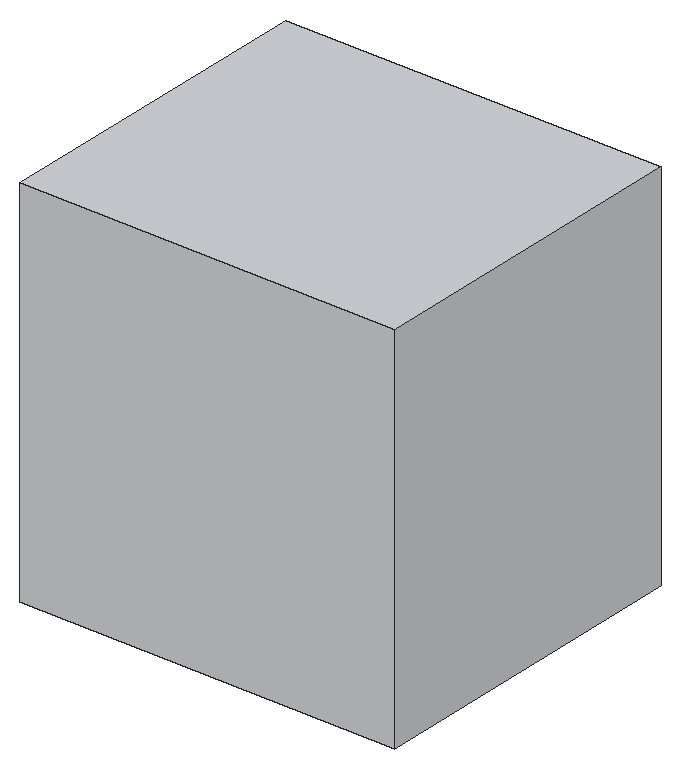
Revit family "Switch Disconnector_Single Phase_Vertically Mounted", category Electrical Fixtures, Revit 2014
Parameters (values of type "#A")
  System_Function_Primary = "Electrical"
  System_Function_Heating = no
  System_Function_Cooling = no
  System_Connection_Ventilation = no
  System_Connection_Process = no
  System_Connection_Power = yes
  System_Connection_Drainage = no
  System_Connection_Domestic Water = no
  System_Connection_Data = no
  IfcExportType = "IfcOutletType"
  IfcExportAs = "IfcOutlet"
  Identity_Reference [instance] = ""
  Identity_NRM1_Description = "Power Installation"
  Identity_NRM1_Code = "5.8.2.1"
  Identity_Level [instance] = ""
  Identity_Copyright = "Arup"  # constant formula
  Identity_Category = ""
  General_Weatherproof = no
  General_Rating_Visibility Yes = 1 = 1  # yes
  General_Rating_Visibility No = 1 = 0  # no
  General_Rating_Visibility = if(Electrical_Current_Rating = 0 A, General_Rating_Visibility No, General_Rating_Visibility Yes)  # no
  General_Mounting_Surface = yes
  General_Mounting_Recessed = no
  General_Mounting_Method_Top = no
  General_Mounting_Method_Middle = yes
  General_Mounting_Method_Bottom = no
  General_Mounting_Method = if(General_Mounting_Method_Top, "Top", if(General_Mounting_Method_Middle, "Middle", if(General_Mounting_Method_Bottom, "Bottom", "Top")))  # "Middle"
  Electrical_Voltage = 230 V
  Electrical_Power_Apparent = 0 VA
  Electrical_Power Factor = 0.95
  Electrical_Number of Poles = 1
  Electrical_Current_Rating = 0 A
  Dimensions_Width_Main Unit [instance] = 115.1 mm
  Dimensions_Width_Location = if(General_Mounting_Recessed, Dimensions_Width - 15 mm, 0 mm)  # 0 mm
  Dimensions_Width = 130.1 mm
  Dimensions_Symbol Offset_Vertical = 0 mm
  Dimensions_Symbol Offset_Maximum = 2500 mm  # constant formula
  Dimensions_Symbol Offset_Horizontal = 0 mm
  Dimensions_Symbol Offset_Calculated = Dimensions_Symbol Offset_Maximum - Dimensions_Symbol Offset_Horizontal  # 2500 mm
  Dimensions_Length = 130 mm
  Dimensions_Height_Mounting_Offset = if(General_Mounting_Method_Top, 0 mm, if(General_Mounting_Method_Middle, Dimensions_Height / 2, if(General_Mounting_Method_Bottom, Dimensions_Height, 0 mm)))  # 65 mm
  Dimensions_Height_Mounting = 1100 mm
  Dimensions_Height = 130 mm
  Description = "Switch Disconector"
  Control_Switch_Required = yes
  COBie.Type.NominalWidth [instance] = 500 mm
  COBie.Type.NominalLength [instance] = 130 mm
  COBie.Type.NominalHeight [instance] = 0 mm
  COBie.Type.Category = "L74611 : Switches"
  @General_Associated Equipment [instance] = ""
  @Electrical_Number of Phases = 1
Types (4, lengths in mm): name | General_Weatherproof | General_Mounting_Surface | General_Mounting_Recessed | Dimensions_Width_Location | Description
  #A | no | yes | no | 0 | "Switch Disconector"
  #A Weatherproof | yes | yes | no | 0 | "Switch Disconector - Weatherproof"
  #A Recessed | no | no | yes | 115.1 | "Switch Disconector"
  #A Recessed Weatherproof | yes | no | yes | 115.1 | "Switch Disconector - Weatherproof"
Reference planes
  plane 1 "Center (Front/Back)": y = 0
  plane 2: z = 0
  plane 3 "Center (Left/Right)": x = 0
  plane 4 "Left": x = -65
  plane 5 "Right": x = 65
  plane 6 "Top": y = 130.1
  plane 7 "Bottom": y = 0
  plane 8 "Symbol_Offset Horizontal": y = 0
  plane 9 "Symbol_Offset Vertical": x = 0
  plane 10 "Symbol Reference": x = 2500
  plane 11 "Top of Unit": z = 1165
  plane 12 "Mounting Reference": z = 1100
  plane 13 "Bottom of Unit": z = 1035
  plane 14 "Switch_Bottom": y = 115.1
  plane 15: z = 1100
Forms (mm)
  Extrusion 1, solid, detail levels fine
    sketch origin (0, 0, 0) x (1, 0, 0) y (0, 1, 0)
      loop
        line (-65, 115.1) -> (-65, 0) -> (65, 0) -> (65, 115.1) -> (-65, 115.1)
    from 1035 to 1165
Dimensions and locks
  equal spacing: plane 4 "Left", plane 3 "Center (Left/Right)", plane 5 "Right"
  "Dimensions_Length": plane 4 "Left" to plane 5 "Right"
  "COBie.Type.NominalLength": plane 4 "Left" to plane 5 "Right"
  "Dimensions_Symbol Offset_Maximum": plane 3 "Center (Left/Right)" to plane 10 "Symbol Reference"
  "Dimensions_Symbol Offset_Calculated": plane 9 "Symbol_Offset Vertical" to plane 10 "Symbol Reference"
  "Dimensions_Height": plane 11 "Top of Unit" to plane 13 "Bottom of Unit"
  "Dimensions_Height_Mounting": plane 12 "Mounting Reference" to plane 2
  "Dimensions_Height_Mounting_Offset": plane 11 "Top of Unit" to plane 12 "Mounting Reference"
  "Dimensions_Width": plane 6 "Top" to plane 7 "Bottom"
  "Dimensions_Width_Location": plane 7 "Bottom" to plane 1 "Center (Front/Back)"
  "Dimensions_Symbol Offset_Vertical": plane 8 "Symbol_Offset Horizontal" to plane 1 "Center (Front/Back)"
  locked: plane 6 "Top" to plane 14 "Switch_Bottom" at 15
  "Dimensions_Width_Main Unit": plane 14 "Switch_Bottom" to plane 7 "Bottom"
  equal spacing: plane 11 "Top of Unit", plane 15, plane 13 "Bottom of Unit"
  aligned and locked: level to plane 2
  aligned and locked: Extrusion 1 sketch curve to plane 14 "Switch_Bottom"
  aligned and locked: Extrusion 1 sketch curve to plane 5 "Right"
  aligned and locked: plane 4 "Left" to Extrusion 1 sketch curve
  aligned and locked: plane 7 "Bottom" to Extrusion 1 sketch curve
  aligned and locked: plane 11 "Top of Unit" to Extrusion 1
  aligned and locked: Extrusion 1 to plane 13 "Bottom of Unit"
  aligned and locked: plane 9 "Symbol_Offset Vertical" to nested 1
  aligned and locked: plane 15 to nested 1
  aligned and locked: nested 2 to plane 8 "Symbol_Offset Horizontal"
  aligned and locked: plane 9 "Symbol_Offset Vertical" to nested 2
Nested families
  nested 1: "Isolator_Switch" at (0, 115.1, 1100) x (1, 0, 0) z (0, 1, 0), type "Arup UKMEA_Generic Model", detail levels fine
    with Identity_Reference "", Identity_Level ""
  nested 2: "Switch Disconnector_Symbol" at (0, 0, 0), type "Switch Disconnector_Symbol", detail levels coarse+medium
Connectors
  electrical at (0, 0, 1100), driven by "Electrical_Number of Poles", driven by "Electrical_Voltage", driven by "Electrical_Power_Apparent", driven by "Electrical_Power Factor"
    settings: on Extrusion 1, index 1, voltage 230 V, apparent load 0 VA, apparent load phase1 0 VA, apparent load phase2 0 VA, apparent load phase3 0 VA, power factor 0.95, load classification "Power", number of poles 1, system type 30, power factor state 1, is connector primary yes, connector utility no, sub classification motor no, connector description ""
Definition of nested family "Isolator_Switch"
  Parameters (values of type "Arup UKMEA_Generic Model")
    IfcExportType = ""
    IfcExportAs = ""
    Identity_Reference [instance] = ""
    Identity_NRM1_Description = ""
    Identity_NRM1_Code = ""
    Identity_Level [instance] = ""
    Identity_Copyright = "Arup"  # constant formula
    Identity_Category = ""
    Dimensions_Width = 0 mm
    Dimensions_Radius_Switch Outer = 45 mm
    Dimensions_Radius_Inner = Dimensions_Radius_Switch Outer - 10 mm  # 35 mm
    Dimensions_Length = 0 mm
    Dimensions_Height = 15 mm
    Dimensions_Diameter = Dimensions_Radius_Switch Outer * 2  # 90 mm
    COBie.Type.NominalWidth [instance] = 0 mm
    COBie.Type.NominalLength [instance] = 0 mm
    COBie.Type.NominalHeight [instance] = 0 mm
    COBie.Type.Category = ""
  Reference planes
    plane 1 "Center (Front/Back)": y = 0
    plane 2: z = 0
    plane 3 "Center (Left/Right)": x = 0
    plane 4: z = 2
    plane 5: z = 15
    plane 6: y = 5
    plane 7: y = -5
  Forms (mm)
    Extrusion 1, solid
      sketch origin (0, 0, 0) x (1, 0, 0) y (0, 1, 0)
        loop
          circle (0, 0) r 45
      from 0 to 15
    Extrusion 2, void
      sketch origin (0, 0, 0) x (1, 0, 0) y (0, 1, 0)
        loop
          line (-34.641, 5) -> (34.641, 5)
          arc (34.641, 5) -> (0, 35) -> (-34.641, 5) r 35
      from 2 to 250
    Extrusion 3, void
      sketch origin (0, 0, 0) x (1, 0, 0) y (0, 1, 0)
        loop
          arc (-34.641, -5) -> (0, -35) -> (34.641, -5) r 35
          line (34.641, -5) -> (-34.641, -5)
      from 2 to 250
  Cuts and joins
    Extrusion 2, Extrusion 3 cuts Extrusion 1
  Dimensions and locks
    locked: plane 4 to plane 2 at 2
    "Dimensions_Height": plane 5 to plane 2
    equal spacing: plane 6, plane 1 "Center (Front/Back)", plane 7
    locked: plane 6 to plane 7 at 10
    "Dimensions_Radius_Switch Outer": radius of Extrusion 1 sketch curve
    "Dimensions_Radius_Inner": radius of Extrusion 2 sketch curve
    "Dimensions_Radius_Inner": radius of Extrusion 3 sketch curve
    aligned and locked: level to plane 2
    aligned and locked: plane 7 to cut or joined group of Extrusion 1, Extrusion 2, Extrusion 3
    aligned and locked: cut or joined group of Extrusion 1, Extrusion 2, Extrusion 3 to plane 6
    aligned and locked: cut or joined group of Extrusion 1, Extrusion 2, Extrusion 3 to plane 4
    aligned and locked: Extrusion 3 to plane 4
  Automatic sketch dimensions
    plane 1 "Center (Front/Back)" to Extrusion 1 sketch curve = 0 mm
    Extrusion 1 sketch curve to plane 3 "Center (Left/Right)" = 0 mm
    Extrusion 2 sketch curve to plane 6 = 0 mm
    plane 1 "Center (Front/Back)" to Extrusion 2 sketch curve = 0 mm
    Extrusion 2 sketch curve to plane 3 "Center (Left/Right)" = 0 mm
    Extrusion 3 sketch curve to plane 7 = 0 mm
    plane 1 "Center (Front/Back)" to Extrusion 3 sketch curve = 0 mm
    Extrusion 3 sketch curve to plane 3 "Center (Left/Right)" = 0 mm
Definition of nested family "Switch Disconnector_Symbol"
  Parameters (values of type "Standard")
    Weatherproof = yes
    Rating Visibility = no
    Rating Label = 0 A
    Phases = 3
    Equipment Served Label = ""
  Reference planes
    plane 1: y = 0
    plane 2: x = 0
  Lines and regions (mm)
    Filled region 1, type "Filled region white"
      outline origin (0, 0, 0) x (1, 0, 0) y (0, 1, 0)
        loop
          line (-3.125, 0) -> (3.125, 0) -> (3.125, 3.125) -> (-3.125, 3.125) -> (-3.125, 0)
    Filled region 2, type "Filled region white"
      outline origin (0, 6.25, 0) x (0, -1, 0) y (1, 0, 0)
        loop
          line (0, -3.125) -> (3.125, -3.125) -> (3.125, 3.125) -> (0, 3.125) -> (0, -3.125)
    detail lines, style "Power Socket Main"
      curve 1: line (-3.125, 3.125, 0) -> (-4.625, 3.125, 0)
      curve 2: line (-4.625, 3.125, 0) -> (-4.625, 5.125, 0)
  Text (mm)
    label "Rating" at (-0.01, 4.563, 0), shows "Rating Label", visible <- "Rating Visibility"
    text "WP" at (-1.946, 12.747, 0), visible <- "Weatherproof"
    label "FCU" at (-0.01, 8.364, 0), shows "Equipment Served Label"
    label "PhasesPH" at (-0.01, 1.438, 0), shows "Phases"
